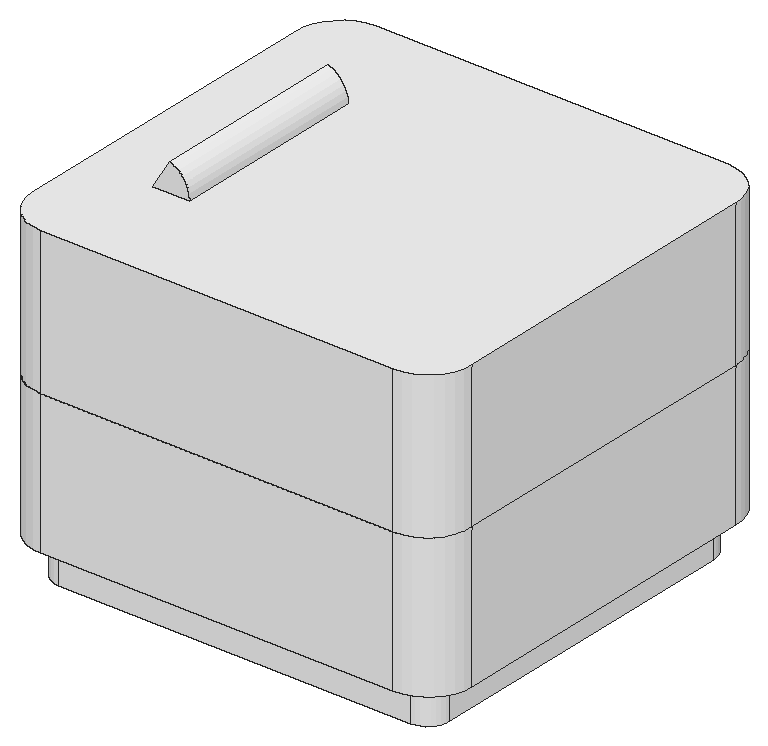
Revit family "Gira_078030", category Electrical Fixtures, host Face, Revit 2017
Family settings
  Host = Face
  Maintain Annotation Orientation = Yes
  Round Connector Dimension = Use Diameter
  Part Type = Normal
  Cut with Voids When Loaded = No
  Shared = No
  Room Calculation Point = No
Parameters (values of type "SCHUKO 2f senkr. KD WG AP Grau")
  Überspannungsschutz = "No"
  Werkstoffgüte = "sonstige"
  Werkstoff = "sonstige"
  Verdrehter Zentraleinsatz = "No"
  URL = "http://katalog.gira.de/de_DE/datenblatt.html?artikelnr=078030"
  Transparent = "No"
  Textfeld/Beschriftungsfläche = "No"
  Sonderstromversorgung = "ohne Sonderstromversorgung"
  Schutzleiterkontakt rund = "No"
  Schutzkontakt = "Yes"
  Region = "DE"
  Oberfläche = "sonstige"
  Nennstrom = "16 Ampere"
  Nennspannung = "250 Volt"
  Name = "SCHUKO 2f senkr. KD WG AP Grau"
  Montageart = "auf Putz"
  Mit erhöhtem Berührungsschutz = "No"
  Mit eingebauter USB-Spannungsversorgung = "No"
  Mit Signallampe = "No"
  Mit Orientierungsbeleuchtung = "No"
  Mit Klappdeckel = "Yes"
  Mit Funktionsbeleuchtung = "No"
  Mit Feinsicherung = "No"
  Mit Ein-/Ausschalter = "No"
  Mit Durchschleiffunktion = "No"
  Manufacturer URL = "https://www.gira.de/"
  Keynote = "IP44_Komplettgerät_Steckdose"
  Isolierter Einbau = "No"
  HeinzeBIM = "https://bimportal.heinze.de/bim/schuko-2f-senkr-kd-wg-ap-grau/5a42c86107f789f5a6e53b7cf3f06cc24b7fa6dc"
  Halogenfrei = "No"
  HAN = "078030"
  Geeignet für Schutzart (IP) = "IP44"
  GTIN = "4010337780304"
  Für "erschwerte Bedingungen" (nach VDE) = "No"
  Fehlerstromschutz = "No"
  Farbe = "grau"
  Default Elevation = 1219.2 mm
  Data sheet (1) = "https://katalog.gira.de/de_DE/download.html?artikelnr=078030"
  Category = "Steckdose"
  Befestigungsart = "Krallen-/Schraubbefestigung"
  Available = "Yes"
  Auswurfmechanismus = "No"
  Ausführung = "Schuko"
  Aufdruck/Kennzeichnung = "ohne Aufdruck"
  Anzahl der Steckdosen schaltbar = "0 "
  Anzahl der Module (bei Modulbauweise) = "1 "
  Anzahl der Einheiten = "2 "
  Antibakterielle Behandlung = "No"
  Anschlussart = "Steckklemme"
  Abschließbar = "No"
Reference planes
  plane 1 "Center (Front/Back)": y = 0
  plane 2: z = 0
  plane 3 "Center (Left/Right)": x = 0
Forms (mm)
  Extrusion 1, solid, material "White", detail levels fine
    sketch origin (41, 0, 0) x (1, 0, 0) y (0, 1, 0)
      loop
        line (-9, 38) -> (-73, 38)
        arc (-73, 38) -> (-78.657, 35.657) -> (-81, 30) r 8
        line (-81, 30) -> (-81, -30)
        arc (-81, -30) -> (-78.657, -35.657) -> (-73, -38) r 8
        line (-73, -38) -> (-9, -38)
        arc (-9, -38) -> (-3.343, -35.657) -> (-1, -30) r 8
        line (-1, -30) -> (-1, 30)
        arc (-1, 30) -> (-3.343, 35.657) -> (-9, 38) r 8
    from 0 to 26
  Extrusion 2, solid, material "White", detail levels fine
    sketch origin (41, 0, 0) x (1, 0, 0) y (0, 1, 0)
      loop
        line (-9, 38) -> (-73, 38)
        arc (-73, 38) -> (-78.657, 35.657) -> (-81, 30) r 8
        line (-81, 30) -> (-81, -30)
        arc (-81, -30) -> (-78.657, -35.657) -> (-73, -38) r 8
        line (-73, -38) -> (-9, -38)
        arc (-9, -38) -> (-3.343, -35.657) -> (-1, -30) r 8
        line (-1, -30) -> (-1, 30)
        arc (-1, 30) -> (-3.343, 35.657) -> (-9, 38) r 8
    from 26 to 52.5
  Extrusion 3, solid, material "White", detail levels fine
    sketch origin (41, 0, 0) x (1, 0, 0) y (0, 0, 1)
      loop
        line (-68.7, 52.5) -> (-62.067, 52.5)
        arc (-62.067, 52.5) -> (-63.019, 55.628) -> (-65.7, 57.5) r 5
        line (-65.7, 57.5) -> (-68.7, 52.5)
    from 18 to -18
  Extrusion 4, solid, material "White", detail levels medium
    sketch origin (41, -5.734, 0) x (1, 0, 0) y (0, 1, 0)
      loop
        line (-9, 43.734) -> (-73, 43.734)
        arc (-73, 43.734) -> (-78.657, 41.391) -> (-81, 35.734) r 8
        line (-81, 35.734) -> (-81, -24.266)
        arc (-81, -24.266) -> (-78.657, -29.923) -> (-73, -32.266) r 8
        line (-73, -32.266) -> (-9, -32.266)
        arc (-9, -32.266) -> (-3.343, -29.923) -> (-1, -24.266) r 8
        line (-1, -24.266) -> (-1, 35.734)
        arc (-1, 35.734) -> (-3.343, 41.391) -> (-9, 43.734) r 8
    from 0 to 52.5
  Extrusion 5, solid, material "White", detail levels medium
    sketch origin (41, 0, 0) x (1, 0, 0) y (0, 0, 1)
      loop
        line (-68.7, 57.5) -> (-68.7, 52.5) -> (-62.067, 52.5) -> (-62.067, 57.5) -> (-68.7, 57.5)
    from -18 to 18
  Extrusion 6, solid, material "White", detail levels coarse
    sketch origin (41, 0, 0) x (1, 0, 0) y (0, 1, 0)
      loop
        line (-1, 38) -> (-81, 38) -> (-81, -38) -> (-1, -38) -> (-1, 38)
    from -7 to 57.5
  Extrusion 7, solid, material "White", detail levels medium+fine
    sketch origin (41, 0, 0) x (1, 0, 0) y (0, 1, 0)
      loop
        line (-9, 34) -> (-73, 34)
        arc (-73, 34) -> (-75.828, 32.828) -> (-77, 30) r 4
        line (-77, 30) -> (-77, -30)
        arc (-77, -30) -> (-75.828, -32.828) -> (-73, -34) r 4
        line (-73, -34) -> (-9, -34)
        arc (-9, -34) -> (-6.172, -32.828) -> (-5, -30) r 4
        line (-5, -30) -> (-5, 30)
        arc (-5, 30) -> (-6.172, 32.828) -> (-9, 34) r 4
    from 0 to -7
Dimensions and locks
  Extrusion 6 to plane 3 "Center (Left/Right)" to Extrusion 6 = 40 mm, 40 mm
  aligned and locked: plane 2 to host face
  aligned and locked: level to host face
  aligned and locked: plane 3 "Center (Left/Right)" to nested 1
  aligned and locked: plane 1 "Center (Front/Back)" to nested 1
Nested families
  nested 1: "Steckdose 1-fach Beschriftung" at (0, 0, 0), type "Steckdose 1-fach Beschriftung"
Connectors
  electrical at (0, 0, -7)
    settings: on Extrusion 7, index 1, voltage 220 V, apparent load 0 VA, apparent load phase1 0 VA, apparent load phase2 0 VA, apparent load phase3 0 VA, power factor 1, load classification "Other", number of poles 1, system type 31, power factor state 1, is connector primary yes, connector utility no, sub classification motor no, connector description ""
Definition of nested family "Steckdose 1-fach Beschriftung"
  Reference planes
    plane 1: y = 0
    plane 2: x = 0
  Lines and regions (mm)
    detail lines
      curve 1: line (0, 0, 0) -> (0, 2, 0)
      curve 3: line (0, 2, 0) -> (-1, 2, 0)
      curve 4: arc (1, 3, 0) -> (0, 2, 0) -> (-1, 3, 0) r 1
      curve 5: line (0, 2, 0) -> (1, 2, 0)
    reference lines
      curve 2: line (-0.485, 3, 0) -> (2.315, 3, 0)
  Dimensions and locks
    curve 1 to curve 1 = 2 mm
    plane 1 to curve 2 = 3 mm
    curve 3 to curve 3 = 1 mm
